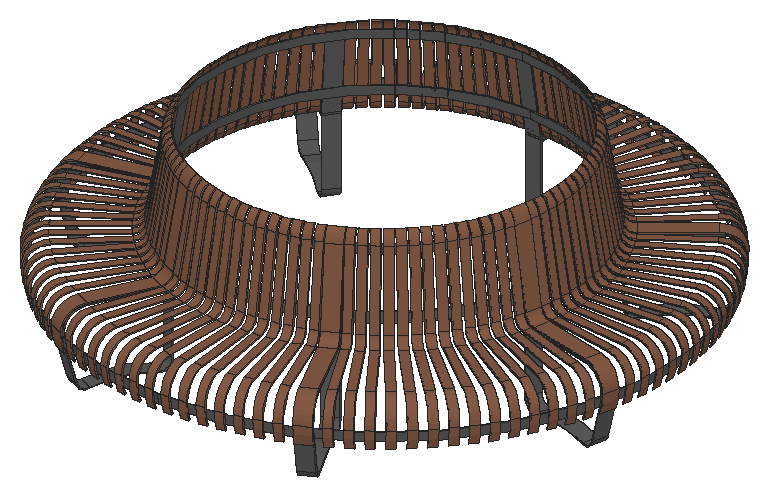
Revit family "FS_Скамейка_Вокруг дерева с ламелями_R16", category Антураж, Revit 2016
Family settings
  На основе рабочей плоскости = Нет
  Всегда вертикально = Да
  При загрузке вырезать с полостями = Нет
  Источник визуального образа = Геометрия семейства
  Общий = Нет
  Точка расчета площади = Нет
Parameters (values of type "Скамейка вокруг дерева с ламелями")
  Стоимость = 271112
  Комментарии к типоразмеру = "Материалы: сталь, брус"  # constant formula
  Изготовитель = "ООО 'Хоббика'"  # constant formula
  Высота = 0 mm
  URL = "https://hobbyka.ru/product/skameyka_vokrug_dereva_s_lamelemi/"
  ADSK_Размер_Ширина = 3294 mm  # constant formula
  ADSK_Размер_Длина = 3294 mm  # constant formula
  ADSK_Размер_Высота = 985 mm  # constant formula
  ADSK_Наименование = "Скамейка вокруг дерева с ламелями"
  ADSK_Материал опоры = FS_Сталь
  ADSK_Материал доски = FS_Древесина
  ADSK_Код изделия = "10824"  # constant formula
Reference planes
  plane 1 "По центру (Вперед/Назад)": y = 0
  plane 2: z = 0
  plane 3 "По центру (Влево/Вправо)": x = 0
  plane 4: x = -1647
  plane 5: x = 1647
  plane 6: y = 1647
  plane 7: y = -1647
  plane 8: z = 280
  plane 9: z = 575
  plane 10: z = 900
Forms (mm)
  Revolve 1, solid, material "FS_Сталь" <- "ADSK_Материал опоры"
    sketch origin (0, 0, 0) x (0, 1, 0) y (0, 0, 1)
      loop
        line (1627.891, 252.796) -> (1632.837, 252.064) -> (1640.888, 306.472) -> (1635.942, 307.204) -> (1627.891, 252.796)
      loop
        line (1053.983, 602.088) -> (1049.057, 601.226) -> (1058.538, 547.05) -> (1063.463, 547.912) -> (1053.983, 602.088)
      loop
        line (997.539, 924.626) -> (992.613, 923.764) -> (1001.232, 874.512) -> (1006.158, 875.374) -> (997.539, 924.626)
      axis (0, 924.626) -> (0, 252.064)
    angle from 0 to 360
Dimensions and locks
  "ADSK_Размер_Длина": plane 4 to plane 5
  equal spacing: plane 4, plane 3 "По центру (Влево/Вправо)", plane 5
  equal spacing: plane 6, plane 1 "По центру (Вперед/Назад)", plane 7
  "ADSK_Размер_Длина": plane 6 to plane 7
  aligned and locked: level to plane 2
Automatic sketch dimensions
  plane 10 to Revolve 1 sketch curve = 24.626 mm
  Revolve 1 sketch curve to plane 6 = 649.461 mm
  plane 9 to Revolve 1 sketch curve = 26.226 mm
  Revolve 1 sketch curve to Revolve 1 sketch curve = 51.519 mm
  plane 9 to Revolve 1 sketch curve = 27.088 mm
  Revolve 1 sketch curve to Revolve 1 sketch curve = 4.925 mm  (x2)
  Revolve 1 sketch curve to plane 9 = 27.95 mm
  Revolve 1 sketch curve to plane 6 = 19.109 mm
  Revolve 1 sketch curve to Revolve 1 sketch curve = 4.946 mm
  Revolve 1 sketch curve to plane 6 = 11.058 mm
  plane 8 to Revolve 1 sketch curve = 27.204 mm
  Revolve 1 sketch curve to Revolve 1 sketch curve = 0.732 mm
  plane 10 to Revolve 1 sketch curve = 23.764 mm
  Revolve 1 sketch curve to Revolve 1 sketch curve = 8.619 mm
Nested families
  nested 1: "FS_Скамейка_Вокруг дерева с ламелями_Опора" at (0, 0, 0), type "FS_Скамейка_Вокруг дерева с ламелями_Опора"
  nested 2: "FS_Скамейка_Вокруг дерева с ламелями_Опора" at (0, 0, 0) x (0.6235, -0.7818, 0) z (0, 0, 1), type "FS_Скамейка_Вокруг дерева с ламелями_Опора"
  nested 3: "FS_Скамейка_Вокруг дерева с ламелями_Опора" at (0, 0, 0) x (0.6235, 0.7818, 0) z (0, 0, 1), type "FS_Скамейка_Вокруг дерева с ламелями_Опора"
  nested 4: "FS_Скамейка_Вокруг дерева с ламелями_Опора" at (0, 0, 0) x (-0.2225, 0.9749, 0) z (0, 0, 1), type "FS_Скамейка_Вокруг дерева с ламелями_Опора"
  nested 5: "FS_Скамейка_Вокруг дерева с ламелями_Опора" at (0, 0, 0) x (-0.901, 0.4339, 0) z (0, 0, 1), type "FS_Скамейка_Вокруг дерева с ламелями_Опора"
  nested 6: "FS_Скамейка_Вокруг дерева с ламелями_Опора" at (0, 0, 0) x (-0.901, -0.4339, 0) z (0, 0, 1), type "FS_Скамейка_Вокруг дерева с ламелями_Опора"
  nested 7: "FS_Скамейка_Вокруг дерева с ламелями_Опора" at (0, 0, 0) x (-0.2225, -0.9749, 0) z (0, 0, 1), type "FS_Скамейка_Вокруг дерева с ламелями_Опора"
  nested 8: "FS_Скамейка_Вокруг дерева с ламелями_Брус" at (0, 0, 0), type "90"
  nested 9: "FS_Скамейка_Вокруг дерева с ламелями_Брус" at (0, 0, 0) x (0.6235, -0.7818, 0) z (0, 0, 1), type "90"
  nested 10: "FS_Скамейка_Вокруг дерева с ламелями_Брус" at (0, 0, 0) x (0.6235, 0.7818, 0) z (0, 0, 1), type "90"
  nested 11: "FS_Скамейка_Вокруг дерева с ламелями_Брус" at (0, 0, 0) x (-0.2225, 0.9749, 0) z (0, 0, 1), type "90"
  nested 12: "FS_Скамейка_Вокруг дерева с ламелями_Брус" at (0, 0, 0) x (-0.901, 0.4339, 0) z (0, 0, 1), type "90"
  nested 13: "FS_Скамейка_Вокруг дерева с ламелями_Брус" at (0, 0, 0) x (-0.901, -0.4339, 0) z (0, 0, 1), type "90"
  nested 14: "FS_Скамейка_Вокруг дерева с ламелями_Брус" at (0, 0, 0) x (-0.2225, -0.9749, 0) z (0, 0, 1), type "90"
  nested 15: "FS_Скамейка_Вокруг дерева с ламелями_Брус" at (0, 0, 0) x (0.9975, -0.0705, 0) z (0, 0, 1), type "45"
    with Ширина 45 mm
  nested 16: "FS_Скамейка_Вокруг дерева с ламелями_Брус" at (0, 0, 0) x (0.6771, -0.7359, 0) z (0, 0, 1), type "45"
    with Ширина 45 mm
  nested 17: "FS_Скамейка_Вокруг дерева с ламелями_Брус" at (0, 0, 0) x (0.9917, -0.1284, 0) z (0, 0, 1), type "45"
    with Ширина 45 mm
  nested 18: "FS_Скамейка_Вокруг дерева с ламелями_Брус" at (0, 0, 0) x (0.9826, -0.1859, 0) z (0, 0, 1), type "45"
    with Ширина 45 mm
  nested 19: "FS_Скамейка_Вокруг дерева с ламелями_Брус" at (0, 0, 0) x (0.9701, -0.2427, 0) z (0, 0, 1), type "45"
    with Ширина 45 mm
  nested 20: "FS_Скамейка_Вокруг дерева с ламелями_Брус" at (0, 0, 0) x (0.9543, -0.2987, 0) z (0, 0, 1), type "45"
    with Ширина 45 mm
  nested 21: "FS_Скамейка_Вокруг дерева с ламелями_Брус" at (0, 0, 0) x (0.9354, -0.3537, 0) z (0, 0, 1), type "45"
    with Ширина 45 mm
  nested 22: "FS_Скамейка_Вокруг дерева с ламелями_Брус" at (0, 0, 0) x (0.9132, -0.4075, 0) z (0, 0, 1), type "45"
    with Ширина 45 mm
  nested 23: "FS_Скамейка_Вокруг дерева с ламелями_Брус" at (0, 0, 0) x (0.888, -0.4599, 0) z (0, 0, 1), type "45"
    with Ширина 45 mm
  nested 24: "FS_Скамейка_Вокруг дерева с ламелями_Брус" at (0, 0, 0) x (0.8597, -0.5108, 0) z (0, 0, 1), type "45"
    with Ширина 45 mm
  nested 25: "FS_Скамейка_Вокруг дерева с ламелями_Брус" at (0, 0, 0) x (0.8286, -0.5599, 0) z (0, 0, 1), type "45"
    with Ширина 45 mm
  nested 26: "FS_Скамейка_Вокруг дерева с ламелями_Брус" at (0, 0, 0) x (0.7946, -0.6071, 0) z (0, 0, 1), type "45"
    with Ширина 45 mm
  nested 27: "FS_Скамейка_Вокруг дерева с ламелями_Брус" at (0, 0, 0) x (0.7579, -0.6523, 0) z (0, 0, 1), type "45"
    with Ширина 45 mm
  nested 28: "FS_Скамейка_Вокруг дерева с ламелями_Брус" at (0, 0, 0) x (0.7187, -0.6953, 0) z (0, 0, 1), type "45"
    with Ширина 45 mm
  nested 29: "FS_Скамейка_Вокруг дерева с ламелями_Брус" at (0, 0, 0) x (0.5668, -0.8239, 0) z (0, 0, 1), type "45"
    with Ширина 45 mm
  nested 30: "FS_Скамейка_Вокруг дерева с ламелями_Брус" at (0, 0, 0) x (-0.1532, -0.9882, 0) z (0, 0, 1), type "45"
    with Ширина 45 mm
  nested 31: "FS_Скамейка_Вокруг дерева с ламелями_Брус" at (0, 0, 0) x (0.5179, -0.8554, 0) z (0, 0, 1), type "45"
    with Ширина 45 mm
  nested 32: "FS_Скамейка_Вокруг дерева с ламелями_Брус" at (0, 0, 0) x (0.4673, -0.8841, 0) z (0, 0, 1), type "45"
    with Ширина 45 mm
  nested 33: "FS_Скамейка_Вокруг дерева с ламелями_Брус" at (0, 0, 0) x (0.4151, -0.9098, 0) z (0, 0, 1), type "45"
    with Ширина 45 mm
  nested 34: "FS_Скамейка_Вокруг дерева с ламелями_Брус" at (0, 0, 0) x (0.3615, -0.9324, 0) z (0, 0, 1), type "45"
    with Ширина 45 mm
  nested 35: "FS_Скамейка_Вокруг дерева с ламелями_Брус" at (0, 0, 0) x (0.3067, -0.9518, 0) z (0, 0, 1), type "45"
    with Ширина 45 mm
  nested 36: "FS_Скамейка_Вокруг дерева с ламелями_Брус" at (0, 0, 0) x (0.2508, -0.968, 0) z (0, 0, 1), type "45"
    with Ширина 45 mm
  nested 37: "FS_Скамейка_Вокруг дерева с ламелями_Брус" at (0, 0, 0) x (0.1941, -0.981, 0) z (0, 0, 1), type "45"
    with Ширина 45 mm
  nested 38: "FS_Скамейка_Вокруг дерева с ламелями_Брус" at (0, 0, 0) x (0.1367, -0.9906, 0) z (0, 0, 1), type "45"
    with Ширина 45 mm
  nested 39: "FS_Скамейка_Вокруг дерева с ламелями_Брус" at (0, 0, 0) x (0.0789, -0.9969, 0) z (0, 0, 1), type "45"
    with Ширина 45 mm
  nested 40: "FS_Скамейка_Вокруг дерева с ламелями_Брус" at (0, 0, 0) x (0.0207, -0.9998, 0) z (0, 0, 1), type "45"
    with Ширина 45 mm
  nested 41: "FS_Скамейка_Вокруг дерева с ламелями_Брус" at (0, 0, 0) x (-0.0374, -0.9993, 0) z (0, 0, 1), type "45"
    with Ширина 45 mm
  nested 42: "FS_Скамейка_Вокруг дерева с ламелями_Брус" at (0, 0, 0) x (-0.0955, -0.9954, 0) z (0, 0, 1), type "45"
    with Ширина 45 mm
  nested 43: "FS_Скамейка_Вокруг дерева с ламелями_Брус" at (0, 0, 0) x (0.6771, 0.7359, 0) z (0, 0, 1), type "45"
    with Ширина 45 mm
  nested 44: "FS_Скамейка_Вокруг дерева с ламелями_Брус" at (0, 0, 0) x (0.9975, 0.0705, 0) z (0, 0, 1), type "45"
    with Ширина 45 mm
  nested 45: "FS_Скамейка_Вокруг дерева с ламелями_Брус" at (0, 0, 0) x (0.7187, 0.6953, 0) z (0, 0, 1), type "45"
    with Ширина 45 mm
  nested 46: "FS_Скамейка_Вокруг дерева с ламелями_Брус" at (0, 0, 0) x (0.7579, 0.6523, 0) z (0, 0, 1), type "45"
    with Ширина 45 mm
  nested 47: "FS_Скамейка_Вокруг дерева с ламелями_Брус" at (0, 0, 0) x (0.7946, 0.6071, 0) z (0, 0, 1), type "45"
    with Ширина 45 mm
  nested 48: "FS_Скамейка_Вокруг дерева с ламелями_Брус" at (0, 0, 0) x (0.8286, 0.5599, 0) z (0, 0, 1), type "45"
    with Ширина 45 mm
  nested 49: "FS_Скамейка_Вокруг дерева с ламелями_Брус" at (0, 0, 0) x (0.8597, 0.5108, 0) z (0, 0, 1), type "45"
    with Ширина 45 mm
  nested 50: "FS_Скамейка_Вокруг дерева с ламелями_Брус" at (0, 0, 0) x (0.888, 0.4599, 0) z (0, 0, 1), type "45"
    with Ширина 45 mm
  nested 51: "FS_Скамейка_Вокруг дерева с ламелями_Брус" at (0, 0, 0) x (0.9132, 0.4075, 0) z (0, 0, 1), type "45"
    with Ширина 45 mm
  nested 52: "FS_Скамейка_Вокруг дерева с ламелями_Брус" at (0, 0, 0) x (0.9354, 0.3537, 0) z (0, 0, 1), type "45"
    with Ширина 45 mm
  nested 53: "FS_Скамейка_Вокруг дерева с ламелями_Брус" at (0, 0, 0) x (0.9543, 0.2987, 0) z (0, 0, 1), type "45"
    with Ширина 45 mm
  nested 54: "FS_Скамейка_Вокруг дерева с ламелями_Брус" at (0, 0, 0) x (0.9701, 0.2427, 0) z (0, 0, 1), type "45"
    with Ширина 45 mm
  nested 55: "FS_Скамейка_Вокруг дерева с ламелями_Брус" at (0, 0, 0) x (0.9826, 0.1859, 0) z (0, 0, 1), type "45"
    with Ширина 45 mm
  nested 56: "FS_Скамейка_Вокруг дерева с ламелями_Брус" at (0, 0, 0) x (0.9917, 0.1284, 0) z (0, 0, 1), type "45"
    with Ширина 45 mm
  nested 57: "FS_Скамейка_Вокруг дерева с ламелями_Брус" at (0, 0, 0) x (-0.1532, 0.9882, 0) z (0, 0, 1), type "45"
    with Ширина 45 mm
  nested 58: "FS_Скамейка_Вокруг дерева с ламелями_Брус" at (0, 0, 0) x (0.5668, 0.8239, 0) z (0, 0, 1), type "45"
    with Ширина 45 mm
  nested 59: "FS_Скамейка_Вокруг дерева с ламелями_Брус" at (0, 0, 0) x (-0.0955, 0.9954, 0) z (0, 0, 1), type "45"
    with Ширина 45 mm
  nested 60: "FS_Скамейка_Вокруг дерева с ламелями_Брус" at (0, 0, 0) x (-0.0374, 0.9993, 0) z (0, 0, 1), type "45"
    with Ширина 45 mm
  nested 61: "FS_Скамейка_Вокруг дерева с ламелями_Брус" at (0, 0, 0) x (0.0207, 0.9998, 0) z (0, 0, 1), type "45"
    with Ширина 45 mm
  nested 62: "FS_Скамейка_Вокруг дерева с ламелями_Брус" at (0, 0, 0) x (0.0789, 0.9969, 0) z (0, 0, 1), type "45"
    with Ширина 45 mm
  nested 63: "FS_Скамейка_Вокруг дерева с ламелями_Брус" at (0, 0, 0) x (0.1367, 0.9906, 0) z (0, 0, 1), type "45"
    with Ширина 45 mm
  nested 64: "FS_Скамейка_Вокруг дерева с ламелями_Брус" at (0, 0, 0) x (0.1941, 0.981, 0) z (0, 0, 1), type "45"
    with Ширина 45 mm
  nested 65: "FS_Скамейка_Вокруг дерева с ламелями_Брус" at (0, 0, 0) x (0.2508, 0.968, 0) z (0, 0, 1), type "45"
    with Ширина 45 mm
  nested 66: "FS_Скамейка_Вокруг дерева с ламелями_Брус" at (0, 0, 0) x (0.3067, 0.9518, 0) z (0, 0, 1), type "45"
    with Ширина 45 mm
  nested 67: "FS_Скамейка_Вокруг дерева с ламелями_Брус" at (0, 0, 0) x (0.3615, 0.9324, 0) z (0, 0, 1), type "45"
    with Ширина 45 mm
  nested 68: "FS_Скамейка_Вокруг дерева с ламелями_Брус" at (0, 0, 0) x (0.4151, 0.9098, 0) z (0, 0, 1), type "45"
    with Ширина 45 mm
  nested 69: "FS_Скамейка_Вокруг дерева с ламелями_Брус" at (0, 0, 0) x (0.4673, 0.8841, 0) z (0, 0, 1), type "45"
    with Ширина 45 mm
  nested 70: "FS_Скамейка_Вокруг дерева с ламелями_Брус" at (0, 0, 0) x (0.5179, 0.8554, 0) z (0, 0, 1), type "45"
    with Ширина 45 mm
  nested 71: "FS_Скамейка_Вокруг дерева с ламелями_Брус" at (0, 0, 0) x (-0.8681, 0.4964, 0) z (0, 0, 1), type "45"
    with Ширина 45 mm
  nested 72: "FS_Скамейка_Вокруг дерева с ламелями_Брус" at (0, 0, 0) x (-0.2907, 0.9568, 0) z (0, 0, 1), type "45"
    with Ширина 45 mm
  nested 73: "FS_Скамейка_Вокруг дерева с ламелями_Брус" at (0, 0, 0) x (-0.8378, 0.546, 0) z (0, 0, 1), type "45"
    with Ширина 45 mm
  nested 74: "FS_Скамейка_Вокруг дерева с ламелями_Брус" at (0, 0, 0) x (-0.8046, 0.5938, 0) z (0, 0, 1), type "45"
    with Ширина 45 mm
  nested 75: "FS_Скамейка_Вокруг дерева с ламелями_Брус" at (0, 0, 0) x (-0.7687, 0.6396, 0) z (0, 0, 1), type "45"
    with Ширина 45 mm
  nested 76: "FS_Скамейка_Вокруг дерева с ламелями_Брус" at (0, 0, 0) x (-0.7302, 0.6832, 0) z (0, 0, 1), type "45"
    with Ширина 45 mm
  nested 77: "FS_Скамейка_Вокруг дерева с ламелями_Брус" at (0, 0, 0) x (-0.6893, 0.7245, 0) z (0, 0, 1), type "45"
    with Ширина 45 mm
  nested 78: "FS_Скамейка_Вокруг дерева с ламелями_Брус" at (0, 0, 0) x (-0.646, 0.7634, 0) z (0, 0, 1), type "45"
    with Ширина 45 mm
  nested 79: "FS_Скамейка_Вокруг дерева с ламелями_Брус" at (0, 0, 0) x (-0.6005, 0.7996, 0) z (0, 0, 1), type "45"
    with Ширина 45 mm
  nested 80: "FS_Скамейка_Вокруг дерева с ламелями_Брус" at (0, 0, 0) x (-0.553, 0.8332, 0) z (0, 0, 1), type "45"
    with Ширина 45 mm
  nested 81: "FS_Скамейка_Вокруг дерева с ламелями_Брус" at (0, 0, 0) x (-0.5036, 0.8639, 0) z (0, 0, 1), type "45"
    with Ширина 45 mm
  nested 82: "FS_Скамейка_Вокруг дерева с ламелями_Брус" at (0, 0, 0) x (-0.4525, 0.8918, 0) z (0, 0, 1), type "45"
    with Ширина 45 mm
  nested 83: "FS_Скамейка_Вокруг дерева с ламелями_Брус" at (0, 0, 0) x (-0.3999, 0.9166, 0) z (0, 0, 1), type "45"
    with Ширина 45 mm
  nested 84: "FS_Скамейка_Вокруг дерева с ламелями_Брус" at (0, 0, 0) x (-0.3459, 0.9383, 0) z (0, 0, 1), type "45"
    with Ширина 45 mm
  nested 85: "FS_Скамейка_Вокруг дерева с ламелями_Брус" at (0, 0, 0) x (-0.9293, -0.3693, 0) z (0, 0, 1), type "45"
    with Ширина 45 mm
  nested 86: "FS_Скамейка_Вокруг дерева с ламелями_Брус" at (0, 0, 0) x (-0.9293, 0.3693, 0) z (0, 0, 1), type "45"
    with Ширина 45 mm
  nested 87: "FS_Скамейка_Вокруг дерева с ламелями_Брус" at (0, 0, 0) x (-0.9492, -0.3146, 0) z (0, 0, 1), type "45"
    with Ширина 45 mm
  nested 88: "FS_Скамейка_Вокруг дерева с ламелями_Брус" at (0, 0, 0) x (-0.9659, -0.2589, 0) z (0, 0, 1), type "45"
    with Ширина 45 mm
  nested 89: "FS_Скамейка_Вокруг дерева с ламелями_Брус" at (0, 0, 0) x (-0.9793, -0.2022, 0) z (0, 0, 1), type "45"
    with Ширина 45 mm
  nested 90: "FS_Скамейка_Вокруг дерева с ламелями_Брус" at (0, 0, 0) x (-0.9894, -0.145, 0) z (0, 0, 1), type "45"
    with Ширина 45 mm
  nested 91: "FS_Скамейка_Вокруг дерева с ламелями_Брус" at (0, 0, 0) x (-0.9962, -0.0872, 0) z (0, 0, 1), type "45"
    with Ширина 45 mm
  nested 92: "FS_Скамейка_Вокруг дерева с ламелями_Брус" at (0, 0, 0) x (-0.9996, -0.0291, 0) z (0, 0, 1), type "45"
    with Ширина 45 mm
  nested 93: "FS_Скамейка_Вокруг дерева с ламелями_Брус" at (0, 0, 0) x (-0.9996, 0.0291, 0) z (0, 0, 1), type "45"
    with Ширина 45 mm
  nested 94: "FS_Скамейка_Вокруг дерева с ламелями_Брус" at (0, 0, 0) x (-0.9962, 0.0872, 0) z (0, 0, 1), type "45"
    with Ширина 45 mm
  nested 95: "FS_Скамейка_Вокруг дерева с ламелями_Брус" at (0, 0, 0) x (-0.9894, 0.145, 0) z (0, 0, 1), type "45"
    with Ширина 45 mm
  nested 96: "FS_Скамейка_Вокруг дерева с ламелями_Брус" at (0, 0, 0) x (-0.9793, 0.2022, 0) z (0, 0, 1), type "45"
    with Ширина 45 mm
  nested 97: "FS_Скамейка_Вокруг дерева с ламелями_Брус" at (0, 0, 0) x (-0.9659, 0.2589, 0) z (0, 0, 1), type "45"
    with Ширина 45 mm
  nested 98: "FS_Скамейка_Вокруг дерева с ламелями_Брус" at (0, 0, 0) x (-0.9492, 0.3146, 0) z (0, 0, 1), type "45"
    with Ширина 45 mm
  nested 99: "FS_Скамейка_Вокруг дерева с ламелями_Брус" at (0, 0, 0) x (-0.2907, -0.9568, 0) z (0, 0, 1), type "45"
    with Ширина 45 mm
  nested 100: "FS_Скамейка_Вокруг дерева с ламелями_Брус" at (0, 0, 0) x (-0.8681, -0.4964, 0) z (0, 0, 1), type "45"
    with Ширина 45 mm
  nested 101: "FS_Скамейка_Вокруг дерева с ламелями_Брус" at (0, 0, 0) x (-0.3459, -0.9383, 0) z (0, 0, 1), type "45"
    with Ширина 45 mm
  nested 102: "FS_Скамейка_Вокруг дерева с ламелями_Брус" at (0, 0, 0) x (-0.3999, -0.9166, 0) z (0, 0, 1), type "45"
    with Ширина 45 mm
  nested 103: "FS_Скамейка_Вокруг дерева с ламелями_Брус" at (0, 0, 0) x (-0.4525, -0.8918, 0) z (0, 0, 1), type "45"
    with Ширина 45 mm
  nested 104: "FS_Скамейка_Вокруг дерева с ламелями_Брус" at (0, 0, 0) x (-0.5036, -0.8639, 0) z (0, 0, 1), type "45"
    with Ширина 45 mm
  nested 105: "FS_Скамейка_Вокруг дерева с ламелями_Брус" at (0, 0, 0) x (-0.553, -0.8332, 0) z (0, 0, 1), type "45"
    with Ширина 45 mm
  nested 106: "FS_Скамейка_Вокруг дерева с ламелями_Брус" at (0, 0, 0) x (-0.6005, -0.7996, 0) z (0, 0, 1), type "45"
    with Ширина 45 mm
  nested 107: "FS_Скамейка_Вокруг дерева с ламелями_Брус" at (0, 0, 0) x (-0.646, -0.7634, 0) z (0, 0, 1), type "45"
    with Ширина 45 mm
  nested 108: "FS_Скамейка_Вокруг дерева с ламелями_Брус" at (0, 0, 0) x (-0.6893, -0.7245, 0) z (0, 0, 1), type "45"
    with Ширина 45 mm
  nested 109: "FS_Скамейка_Вокруг дерева с ламелями_Брус" at (0, 0, 0) x (-0.7302, -0.6832, 0) z (0, 0, 1), type "45"
    with Ширина 45 mm
  nested 110: "FS_Скамейка_Вокруг дерева с ламелями_Брус" at (0, 0, 0) x (-0.7687, -0.6396, 0) z (0, 0, 1), type "45"
    with Ширина 45 mm
  nested 111: "FS_Скамейка_Вокруг дерева с ламелями_Брус" at (0, 0, 0) x (-0.8046, -0.5938, 0) z (0, 0, 1), type "45"
    with Ширина 45 mm
  nested 112: "FS_Скамейка_Вокруг дерева с ламелями_Брус" at (0, 0, 0) x (-0.8378, -0.546, 0) z (0, 0, 1), type "45"
    with Ширина 45 mm
Definition of nested family "FS_Скамейка_Вокруг дерева с ламелями_Опора"
  Parameters (values of type "FS_Скамейка_Вокруг дерева с ламелями_Опора")
    Ширина = 90 mm
    ADSK_Материал опоры = none
  Reference planes
    plane 1 "По центру (Вперед/Назад)": y = 0
    plane 2: z = 0
    plane 3 "По центру (Влево/Вправо)": x = 0
    plane 4: x = -45
    plane 5: x = 45
  Forms (mm)
    Sweep 1, solid, material <- "ADSK_Материал опоры"
      path origin (0, 0, 0) x (0, 1, 0) y (0, 0, 1)
        loop
          line (998.65, 918.276) -> (1079.599, 455.706)
          arc (1079.599, 455.706) -> (1080.273, 450.554) -> (1080.498, 445.363) r 60
          line (1080.498, 445.363) -> (1080.498, 60)
          arc (1080.498, 60) -> (1104.054, 12.336) -> (1156.227, 2.099) r 60
          arc (1156.227, 2.099) -> (1326.63, 24.832) -> (1497.033, 2.099) r 650
          arc (1497.033, 2.099) -> (1542.673, 7.987) -> (1570.718, 44.471) r 60
          line (1570.718, 44.471) -> (1625.392, 248.517)
          arc (1625.392, 248.517) -> (1632.875, 287.1) -> (1634.881, 326.352) r 280
          arc (1634.881, 326.352) -> (1600.406, 406.313) -> (1519.798, 439.25) r 115.104
          line (1519.798, 439.25) -> (1086.498, 439.25)
      profile origin (0, 1080.498, 252.682) x (1, 0, 0) y (0, 1, 0)
        loop
          line (-45, 5) -> (-45, 0) -> (45, 0) -> (45, 5) -> (-45, 5)
  Dimensions and locks
    equal spacing: plane 4, plane 3 "По центру (Влево/Вправо)", plane 5
    "Ширина": plane 4 to plane 5
    aligned and locked: level to plane 2
    aligned and locked: Sweep 1 sketch curve to plane 4
    aligned and locked: plane 5 to Sweep 1 sketch curve
    aligned and locked: Sweep 1 sketch curve to profile plane
  Automatic sketch dimensions
    Sweep 1 sketch curve to Sweep 1 sketch curve = 5 mm
    Sweep 1 sketch curve to plane 1 "По центру (Вперед/Назад)" = 1020.498 mm
    Sweep 1 sketch curve to Sweep 1 sketch curve = 59.102 mm
    Sweep 1 sketch curve to Sweep 1 sketch curve = 60 mm
    Sweep 1 sketch curve to Sweep 1 sketch curve = 186.132 mm
    level to Sweep 1 sketch curve = 60 mm  (x2)
    Sweep 1 sketch curve to Sweep 1 sketch curve = 157.83 mm
    Sweep 1 sketch curve to Sweep 1 sketch curve = 164.866 mm
    level to Sweep 1 sketch curve = 44.471 mm
    Sweep 1 sketch curve to Sweep 1 sketch curve = 57.956 mm
    Sweep 1 sketch curve to Sweep 1 sketch curve = 105.594 mm
    Sweep 1 sketch curve to level = 625.168 mm
    Sweep 1 sketch curve to Sweep 1 sketch curve = 80.95 mm
    Sweep 1 sketch curve to Sweep 1 sketch curve = 0 mm
    Sweep 1 sketch curve to Sweep 1 sketch curve = 274.435 mm
    Sweep 1 sketch curve to Sweep 1 sketch curve = 6 mm
    Sweep 1 sketch curve to Sweep 1 sketch curve = 0.898 mm
    Sweep 1 sketch curve to Sweep 1 sketch curve = 115.104 mm
    Sweep 1 sketch curve to Sweep 1 sketch curve = 6.113 mm
    Sweep 1 sketch curve to Sweep 1 sketch curve = 462.57 mm
    Sweep 1 sketch curve to Sweep 1 sketch curve = 204.046 mm
    Sweep 1 sketch curve to Sweep 1 sketch curve = 72.469 mm
    Sweep 1 sketch curve to Sweep 1 sketch curve = 75.629 mm
Definition of nested family "FS_Скамейка_Вокруг дерева с ламелями_Брус"
  Parameters (values of type "FS_Скамейка_Вокруг дерева с ламелями_Брус")
    Ширина = 90 mm
    ADSK_Материал доски = none
  Reference planes
    plane 1 "По центру (Вперед/Назад)": y = 0
    plane 2: z = 0
    plane 3 "По центру (Влево/Вправо)": x = 0
    plane 4: x = -45
    plane 5: x = 45
  Forms (mm)
    Sweep 1, solid, material <- "ADSK_Материал доски"
      path origin (0, 0, 0) x (0, 1, 0) y (0, 0, 1)
        loop
          arc (963.5, 985) -> (993.136, 957.441) -> (1008.5, 920) r 94.349
          line (1008.5, 920) -> (1082, 500)
          arc (1082, 500) -> (1102.746, 464.152) -> (1141.671, 450) r 60.606
          line (1141.671, 450) -> (1517, 450)
          arc (1517, 450) -> (1608.924, 411.924) -> (1647, 320) r 130
          arc (1647, 320) -> (1641.955, 266.556) -> (1627, 215) r 285.625
      profile origin (0, 1045.25, 710) x (0, 0.98503, 0.17238) y (1, 0, 0)
        loop
          line (-5, -45) -> (0, -45) -> (0, 45) -> (-5, 45) -> (-5, -45)
  Dimensions and locks
    equal spacing: plane 4, plane 3 "По центру (Влево/Вправо)", plane 5
    "Ширина": plane 4 to plane 5
    aligned and locked: level to plane 2
    aligned and locked: Sweep 1 sketch curve to plane 4
    aligned and locked: plane 5 to Sweep 1 sketch curve
    aligned and locked: profile plane to Sweep 1 sketch curve
  Automatic sketch dimensions
    Sweep 1 sketch curve to plane 1 "По центру (Вперед/Назад)" = 915.563 mm
    Sweep 1 sketch curve to Sweep 1 sketch curve = 92.937 mm
    Sweep 1 sketch curve to Sweep 1 sketch curve = 155.625 mm
    Sweep 1 sketch curve to Sweep 1 sketch curve = 50 mm
    Sweep 1 sketch curve to Sweep 1 sketch curve = 130 mm
    Sweep 1 sketch curve to Sweep 1 sketch curve = 10.606 mm
    Sweep 1 sketch curve to Sweep 1 sketch curve = 403.736 mm
    Sweep 1 sketch curve to Sweep 1 sketch curve = 16.264 mm
    Sweep 1 sketch curve to Sweep 1 sketch curve = 45 mm
    Sweep 1 sketch curve to Sweep 1 sketch curve = 20 mm
    Sweep 1 sketch curve to Sweep 1 sketch curve = 0 mm
    Sweep 1 sketch curve to Sweep 1 sketch curve = 219.704 mm
    level to Sweep 1 sketch curve = 320 mm
    Sweep 1 sketch curve to Sweep 1 sketch curve = 73.5 mm
    profile plane to Sweep 1 sketch curve = 5 mm
